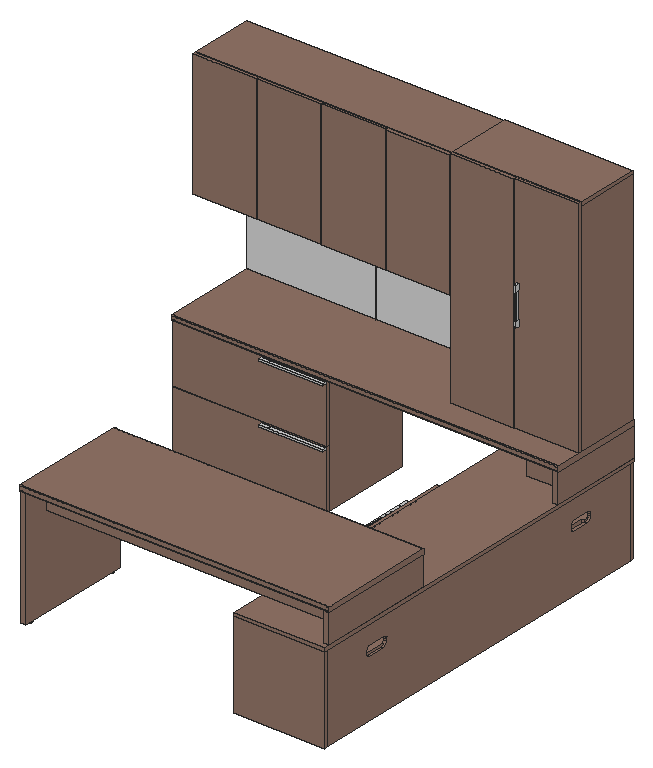
Revit family "FLV016", category Furniture, Revit 2015 (continued)
Definition of nested family "JSI-Flux-Wall_Mount_Dbl_Ht_OH"
  Forms (in)
    Extrusion 17, solid, material <- "Back Panel"
      sketch origin (0, 0, 0) x (0, 1, 0) y (0, 0, 1)
        loop
          line (10.75, 57.25) -> (9.9375, 57.25) -> (9.9375, 54.25) -> (10.75, 54.25) -> (10.75, 57.25)
      from -35.31413 to 59.06087
    Extrusion 18, solid, material <- "Back Panel"
      sketch origin (0, 0, 0) x (0, 1, 0) y (0, 0, 1)
        loop
          line (10.75, 54.25) -> (9.9375, 54.25) -> (9.9375, 52.0625) -> (10.75, 52.0625) -> (10.75, 54.25)
      from -34.31413 to 58.06087
    Extrusion 19, solid, material <- "Back Panel"
      sketch origin (0, 0, 0) x (0, 1, 0) y (0, 0, 1)
        loop
          line (10.75, 41.25) -> (9.9375, 41.25) -> (9.9375, 38.25) -> (10.75, 38.25) -> (10.75, 41.25)
      from -35.31413 to 59.06087
    Extrusion 20, solid, material <- "Back Panel"
      sketch origin (0, 0, 0) x (0, 1, 0) y (0, 0, 1)
        loop
          line (10.75, 38.25) -> (9.9375, 38.25) -> (9.9375, 36.0625) -> (10.75, 36.0625) -> (10.75, 38.25)
      from -34.31413 to 58.06087
  Lines and regions (in)
    symbolic lines
      curve 1: line (-36.06413, -4.3125, 0) -> (-36.06413, -5.0625, 0)
      curve 2: line (-20.06413, -4.3125, 0) -> (-20.06413, -5.0625, 0)
      curve 3: line (-20.18913, -5.0625, 0) -> (-20.18913, -4.3125, 0)
      curve 4: line (-4.18913, -5.0625, 0) -> (-4.18913, -4.3125, 0)
      curve 5: line (-20.18913, -4.3125, 0) -> (-36.06413, -4.3125, 0)
      curve 6: line (-36.06413, -5.0625, 0) -> (-20.18913, -5.0625, 0)
      curve 7: line (-4.18913, -4.3125, 0) -> (-20.06413, -4.3125, 0)
      curve 8: line (-20.06413, -5.0625, 0) -> (-4.18913, -5.0625, 0)
      curve 9: line (-36.06413, 10.75, 0) -> (-36.06413, -4.25, 0)
      curve 10: line (59.81087, 10.75, 0) -> (-36.06413, 10.75, 0)
      curve 11: line (59.81087, 10.75, 0) -> (59.81087, -4.25, 0)
      curve 12: line (59.81087, -4.25, 0) -> (-36.06413, -4.25, 0)
      curve 13: line (-4.06413, -4.3125, 0) -> (-4.06413, -5.0625, 0)
      curve 14: line (11.81087, -5.0625, 0) -> (11.81087, -4.3125, 0)
      curve 15: line (11.81087, -4.3125, 0) -> (-4.06413, -4.3125, 0)
      curve 16: line (-4.06413, -5.0625, 0) -> (11.81087, -5.0625, 0)
      curve 17: line (11.93587, -4.3125, 0) -> (11.93587, -5.0625, 0)
      curve 18: line (27.81087, -5.0625, 0) -> (27.81087, -4.3125, 0)
      curve 19: line (27.81087, -4.3125, 0) -> (11.93587, -4.3125, 0)
      curve 20: line (11.93587, -5.0625, 0) -> (27.81087, -5.0625, 0)
      curve 21: line (27.93587, -4.3125, 0) -> (27.93587, -5.0625, 0)
      curve 22: line (43.81087, -5.0625, 0) -> (43.81087, -4.3125, 0)
      curve 23: line (43.81087, -4.3125, 0) -> (27.93587, -4.3125, 0)
      curve 24: line (27.93587, -5.0625, 0) -> (43.81087, -5.0625, 0)
      curve 25: line (43.93587, -4.3125, 0) -> (43.93587, -5.0625, 0)
      curve 26: line (59.81087, -5.0625, 0) -> (59.81087, -4.3125, 0)
      curve 27: line (59.81087, -4.3125, 0) -> (43.93587, -4.3125, 0)
      curve 28: line (43.93587, -5.0625, 0) -> (59.81087, -5.0625, 0)
    symbolic lines, detail levels medium+fine
      curve 29: line (59.06087, 10.75, 0) -> (59.06087, -4.25, 0)
      curve 30: line (-35.31413, -4.25, 0) -> (-35.31413, 10.75, 0)
      curve 39: line (-35.31413, 9.1875, 0) -> (59.06087, 9.1875, 0)
      curve 40: line (59.06087, 9.1875, 0) -> (59.06087, 9.9375, 0)
      curve 41: line (59.06087, 9.9375, 0) -> (-35.31413, 9.9375, 0)
      curve 42: line (-35.31413, 9.9375, 0) -> (-35.31413, 9.1875, 0)
    symbolic lines, visible <- "Partition-L", detail levels medium+fine
      curve 31: line (-3.75163, -4.25, 0) -> (-3.75163, 9.1875, 0)
      curve 32: line (-3.75163, 9.1875, 0) -> (-4.50163, 9.1875, 0)
      curve 33: line (-4.50163, 9.1875, 0) -> (-4.50163, -4.25, 0)
      curve 34: line (-4.50163, -4.25, 0) -> (-3.75163, -4.25, 0)
    symbolic lines, visible <- "Partition-R", detail levels medium+fine
      curve 35: line (28.24837, -4.25, 0) -> (28.24837, 9.1875, 0)
      curve 36: line (28.24837, 9.1875, 0) -> (27.49837, 9.1875, 0)
      curve 37: line (27.49837, 9.1875, 0) -> (27.49837, -4.25, 0)
      curve 38: line (27.49837, -4.25, 0) -> (28.24837, -4.25, 0)
  Dimensions and locks (in)
    "Width": plane 2 "Center (Left/Right)" to plane 6
    "Depth": plane 16 to plane 3 "Center (Front/Back)"
    plane 12 to plane 13 to plane 14 to plane 15 = 0' - 0 3/4" locked, 0' - 0 1/16" locked, 0' - 2 3/16" locked
    locked: plane 16 to plane 12 at 0.0625
    locked: plane 2 "Center (Left/Right)" to plane 5 at 0.75
    locked: plane 8 to plane 9 at 0.75
    locked: plane 11 to plane 10 at 0.75
    locked: plane 7 to plane 6 at 0.75
    equal spacing: plane 2 "Center (Left/Right)", plane 17, plane 6
    "Height": plane 25 to plane 18
    "OH Elevation": plane 18 to plane 1
    locked: plane 25 to plane 24 at 0.75
    locked: plane 23 to plane 22 at 0.75
    locked: plane 20 to plane 19 at 1.1875
    "Level of Base Shelve": plane 19 to plane 18
    plane 19 to plane 21 to plane 31 = 0' - 0 1/4" locked, 0' - 0 1/4" locked
    equal spacing: plane 24, plane 26, plane 20
    locked: plane 23 to plane 26 at 0.375
    locked: plane 27 to plane 4 at 0.0625
    "Partition Distance_L": plane 2 "Center (Left/Right)" to plane 8
    "Partition Distance_R": plane 10 to plane 6
    "Shelf Width_L": plane 32 to plane 33
    "Shelf Width_R": plane 35 to plane 37
    "Shelf Width_Central": plane 34 to plane 36
    "Shelf Dist_L": plane 2 "Center (Left/Right)" to plane 32
    "Shelf Dist_C": plane 2 "Center (Left/Right)" to plane 34
    "Shelf Dist_R": plane 2 "Center (Left/Right)" to plane 35
    equal spacing: group 1, group 2, group 5, group 6, group 7, group 8  (x3)
    "Door Width": Extrusion 11 sketch curve to Extrusion 11 sketch curve
    "Door Width": Extrusion 12 sketch curve to Extrusion 12 sketch curve
    equal spacing: group 3, group 4, group 9, group 10, group 11, group 12  (x3)
    "Door Array Distance": Extrusion 11 to Extrusion 12
    "Wiring Hole Dist": plane 2 "Center (Left/Right)" to plane 38
    "Wiring Hole Dist": plane 39 to plane 6
    "Door Width": Extrusion 13 sketch curve to Extrusion 13 sketch curve
    "Door Width": Extrusion 14 sketch curve to Extrusion 14 sketch curve
    "Door Width": Extrusion 15 sketch curve to Extrusion 15 sketch curve
    "Door Width": Extrusion 16 sketch curve to Extrusion 16 sketch curve
    plane 27 to plane 28 to plane 3 "Center (Front/Back)" = 0' - 0 3/4" locked, 0' - 0 13/16" locked
    locked: plane 32 to plane 40 at 1
    locked: plane 41 to plane 37 at 1
    locked: plane 24 to plane 42 at 5.1875
    plane 44 to plane 43 to plane 20 = 0' - 5 3/16" locked, 0' - 5 7/8" locked
    locked: plane 24 to plane 46 at 3
    locked: plane 44 to plane 45 at 3
    aligned and locked: level to plane 1
    aligned and locked: Extrusion 1 sketch curve to plane 2 "Center (Left/Right)"
    aligned and locked: Extrusion 1 sketch curve to plane 5
    aligned and locked: Extrusion 1 sketch curve to plane 3 "Center (Front/Back)"
    aligned and locked: Extrusion 1 sketch curve to plane 14
    aligned and locked: Extrusion 2 sketch curve to plane 7
    aligned and locked: Extrusion 2 sketch curve to plane 6
    aligned and locked: Extrusion 2 sketch curve to plane 3 "Center (Front/Back)"
    aligned and locked: Extrusion 2 sketch curve to plane 14
    aligned and locked: plane 24 to Extrusion 1
    aligned and locked: plane 24 to Extrusion 2
    aligned and locked: Extrusion 1 to plane 18
    aligned and locked: Extrusion 2 to plane 18
    aligned and locked: Extrusion 3 sketch curve to plane 24
    aligned and locked: Extrusion 3 sketch curve to plane 25
    aligned and locked: Extrusion 3 sketch curve to plane 2 "Center (Left/Right)"
    aligned and locked: Extrusion 3 sketch curve to plane 6
    aligned and locked: Extrusion 4 sketch curve to plane 20
    aligned and locked: Extrusion 4 sketch curve to plane 19
    aligned and locked: Extrusion 4 sketch curve to plane 5
    aligned and locked: Extrusion 4 sketch curve to plane 7
    aligned and locked: Extrusion 3 to plane 3 "Center (Front/Back)"
    aligned and locked: plane 14 to Extrusion 3
    aligned and locked: Extrusion 4 to plane 27
    aligned and locked: plane 14 to Extrusion 4
    aligned and locked: Extrusion 5 sketch curve to plane 23
    aligned and locked: Extrusion 5 sketch curve to plane 22
    aligned and locked: Extrusion 6 sketch curve to plane 23
    aligned and locked: Extrusion 6 sketch curve to plane 22
    aligned and locked: Extrusion 7 sketch curve to plane 23
    aligned and locked: Extrusion 8 sketch curve to plane 24
    aligned and locked: Extrusion 8 sketch curve to plane 5
    aligned and locked: Extrusion 8 sketch curve to plane 7
    aligned and locked: Extrusion 8 sketch curve to plane 18
    aligned and locked: Extrusion 8 to plane 28
    aligned and locked: plane 27 to Extrusion 8
    aligned and locked: Extrusion 9 sketch curve to plane 8
    aligned and locked: Extrusion 9 sketch curve to plane 9
    aligned and locked: Extrusion 9 sketch curve to plane 27
    aligned and locked: Extrusion 9 sketch curve to plane 14
    aligned and locked: Extrusion 10 sketch curve to plane 11
    aligned and locked: Extrusion 10 sketch curve to plane 10
    aligned and locked: Extrusion 10 sketch curve to plane 27
    aligned and locked: Extrusion 10 sketch curve to plane 14
    aligned and locked: plane 24 to Extrusion 9
    aligned and locked: Extrusion 9 to plane 20
    aligned and locked: plane 24 to Extrusion 10
    aligned and locked: Extrusion 10 to plane 20
    aligned and locked: Extrusion 5 to plane 27
    aligned and locked: plane 15 to Extrusion 5
    aligned and locked: Extrusion 6 to plane 27
    aligned and locked: plane 15 to Extrusion 6
    aligned and locked: plane 15 to Extrusion 7
    aligned and locked: Extrusion 7 to plane 27
    aligned and locked: plane 32 to Extrusion 5
    aligned and locked: plane 33 to Extrusion 5
    aligned and locked: plane 34 to Extrusion 6
    aligned and locked: plane 36 to Extrusion 6
    aligned and locked: plane 35 to Extrusion 7
    aligned and locked: plane 37 to Extrusion 7
    aligned and locked: Extrusion 11 to plane 13
    aligned and locked: plane 12 to Extrusion 11
    aligned and locked: Extrusion 11 to plane 2 "Center (Left/Right)"
    aligned and locked: curve 1 to Extrusion 11
    aligned and locked: curve 2 to Extrusion 12
    aligned and locked: curve 3 to Extrusion 11
    aligned and locked: curve 4 to Extrusion 12
    aligned and locked: curve 5 to Extrusion 11
    aligned and locked: curve 6 to Extrusion 11
    aligned and locked: curve 7 to Extrusion 12
    aligned and locked: curve 8 to Extrusion 12
    aligned and locked: plane 17 to nested 1
    aligned and locked: plane 12 to nested 1
    aligned and locked: curve 9 to plane 2 "Center (Left/Right)"
    aligned and locked: curve 10 to plane 3 "Center (Front/Back)"
    aligned and locked: curve 11 to plane 6
    aligned and locked: curve 12 to plane 14
    aligned and locked: curve 13 to Extrusion 13
    aligned and locked: curve 14 to Extrusion 13
    aligned and locked: curve 15 to Extrusion 13
    aligned and locked: curve 16 to Extrusion 13
    aligned and locked: curve 17 to Extrusion 14
    aligned and locked: curve 18 to Extrusion 14
    aligned and locked: curve 19 to Extrusion 14
    aligned and locked: curve 20 to Extrusion 14
    aligned and locked: curve 21 to Extrusion 15
    aligned and locked: curve 22 to Extrusion 15
    aligned and locked: curve 23 to Extrusion 15
    aligned and locked: curve 24 to Extrusion 15
    aligned and locked: curve 25 to Extrusion 16
    aligned and locked: curve 26 to Extrusion 16
    aligned and locked: curve 27 to Extrusion 16
    aligned and locked: curve 28 to Extrusion 16
    aligned and locked: plane 3 "Center (Front/Back)" to Extrusion 17 sketch curve
    aligned and locked: plane 28 to Extrusion 17 sketch curve
    aligned and locked: plane 24 to Extrusion 17 sketch curve
    aligned and locked: plane 46 to Extrusion 17 sketch curve
    aligned and locked: plane 46 to Extrusion 18 sketch curve
    aligned and locked: plane 42 to Extrusion 18 sketch curve
    aligned and locked: plane 28 to Extrusion 18 sketch curve
    aligned and locked: plane 3 "Center (Front/Back)" to Extrusion 18 sketch curve
    aligned and locked: plane 44 to Extrusion 19 sketch curve
    aligned and locked: plane 45 to Extrusion 19 sketch curve
    aligned and locked: plane 28 to Extrusion 19 sketch curve
    aligned and locked: plane 3 "Center (Front/Back)" to Extrusion 19 sketch curve
    aligned and locked: plane 45 to Extrusion 20 sketch curve
    aligned and locked: plane 43 to Extrusion 20 sketch curve
    aligned and locked: plane 28 to Extrusion 20 sketch curve
    aligned and locked: plane 3 "Center (Front/Back)" to Extrusion 20 sketch curve
    aligned and locked: Extrusion 17 to plane 32
    aligned and locked: Extrusion 18 to plane 40
    aligned and locked: Extrusion 19 to plane 32
    aligned and locked: Extrusion 20 to plane 40
    aligned and locked: plane 37 to Extrusion 17
    aligned and locked: plane 37 to Extrusion 19
    aligned and locked: plane 41 to Extrusion 18
    aligned and locked: plane 41 to Extrusion 20
    aligned and locked: Extrusion 11 to plane 21
    aligned and locked: Extrusion 12 to plane 21
    aligned and locked: curve 29 to Extrusion 2
    aligned and locked: curve 30 to Extrusion 1
    aligned and locked: plane 14 to curve 30
    aligned and locked: plane 3 "Center (Front/Back)" to curve 30
    aligned and locked: plane 14 to curve 29
    aligned and locked: curve 31 to Extrusion 9
    aligned and locked: curve 32 to Extrusion 9
    aligned and locked: curve 33 to Extrusion 9
    aligned and locked: curve 34 to Extrusion 9
    aligned and locked: curve 35 to Extrusion 10
    aligned and locked: curve 36 to Extrusion 10
    aligned and locked: curve 37 to Extrusion 10
    aligned and locked: curve 38 to Extrusion 10
    aligned and locked: curve 39 to Extrusion 8
    aligned and locked: curve 40 to Extrusion 8
    aligned and locked: curve 41 to Extrusion 8
    aligned and locked: curve 42 to Extrusion 8
  Automatic sketch dimensions
    Extrusion 7 sketch curve to plane 22 = 0' - 0"
    Extrusion 7 sketch curve to plane 7 = 0' - 0"
    plane 8 to Extrusion 5 sketch curve = 0' - 0"
    Extrusion 6 sketch curve to plane 9 = 0' - 0"
    Extrusion 6 sketch curve to plane 11 = 0' - 0"
    Extrusion 7 sketch curve to plane 10 = 0' - 0"
    plane 5 to Extrusion 5 sketch curve = 0' - 0"
    Extrusion 11 sketch curve to Extrusion 11 sketch curve = 2' - 5 1/4"
    Extrusion 12 sketch curve to Extrusion 12 sketch curve = 2' - 5 1/4"
    curve 1 to curve 5 = 1' - 3 7/8"
    curve 6 to curve 3 = 0' - 0 3/4"
    curve 2 to curve 7 = 1' - 3 7/8"
    curve 8 to curve 4 = 0' - 0 3/4"
    Extrusion 13 sketch curve to Extrusion 13 sketch curve = 2' - 5 1/4"
    curve 13 to curve 15 = 1' - 3 7/8"
    curve 16 to curve 14 = 0' - 0 3/4"
    Extrusion 14 sketch curve to Extrusion 14 sketch curve = 2' - 5 1/4"
    curve 17 to curve 19 = 1' - 3 7/8"
    curve 20 to curve 18 = 0' - 0 3/4"
    Extrusion 15 sketch curve to Extrusion 15 sketch curve = 2' - 5 1/4"
    curve 21 to curve 23 = 1' - 3 7/8"
    curve 24 to curve 22 = 0' - 0 3/4"
    Extrusion 16 sketch curve to Extrusion 16 sketch curve = 2' - 5 1/4"
    curve 25 to curve 27 = 1' - 3 7/8"
    curve 28 to curve 26 = 0' - 0 3/4"
    plane 3 "Center (Front/Back)" to curve 29 = 0' - 0"
  Nested families (in)
    nested 1: "Label 1-16 OH" at (11.87337, -5.0625, 0), type "OH DOORS"
  Definition of nested family "Label 1-16 OH"
    Parameters
      Width = 0' - 1"
      Model Name = "6 Doors"
    Reference planes (in)
      plane 1: y = 0
      plane 2: x = 0
    Text (in)
      label "XX" at (0.00051, -0.12324, 0), shows "Model Name"
Definition of nested family "JSI-Flux-Wall_Mount_Tack_Panel"
  Parameters (values of type "Type Catalog - Wall Mount Tack Board")
    Width = 2' - 4 1/4"
    URL = "www.jsifurniture.com"
    Type Comments = ""
    TAG = ""
    Support Width = if(Width > 3' 3", 2' 6", (if(Width > 2' 9", 2' 0", (if(Width > 2' 0", 1' 6", (if(Width > 1' 6", 1' 0", 0' 7")))))))  # 1' - 6"
    Support Height = if(Height > 3' 5", 0' 7 1/2", if(Height > 2' 8", 0' 11 1/2", 0' 2 1/4"))  # 0' - 2 1/4"
    Support = none
    Series = "FLUX"  # constant formula
    OH Elevation = 2' - 5"
    Model = ""
    Manufacturer = "JSI"  # constant formula
    Keynote = "12500"
    JSI Enviromental Website = "http://www.jsifurniture.com/jsi_sustainability_intro.php"
    Height = 2' - 6"
    Tackboard = none
    Description = "Wall Mount Tack Board"
    Depth = 0' - 1 1/2"
    Chassis = none
    Assembly Code = "E2020200"
  Reference planes (in)
    plane 1: z = 0
    plane 2 "Center (Left/Right)": x = -36.06413
    plane 3 "Center (Front/Back)": y = 10.75
    plane 4: x = -7.81413
    plane 5: y = 10
    plane 6: y = 9.25
    plane 7: x = -21.93913
    plane 8: x = -33.06413
    plane 9: x = -10.81413
    plane 10: z = 59
    plane 11: z = 58.75
    plane 12: z = 55.75
    plane 13: z = 53.5
    plane 14: z = 31.25
    plane 15: z = 33.5
    plane 16: z = 54.25
    plane 17: z = 32
    plane 18: x = -30.93913
    plane 19: x = -12.93913
    plane 20: z = 29
  Forms (in)
    Extrusion 1, solid, material <- "Tackboard"
      sketch origin (0, 0, 0) x (1, 0, 0) y (0, 1, 0)
        loop
          line (-7.81413, 10) -> (-36.06413, 10) -> (-36.06413, 9.25) -> (-7.81413, 9.25) -> (-7.81413, 10)
      from 29 to 58.75
    Extrusion 2, solid, material <- "Chassis"
      sketch origin (0, 0, 0) x (1, 0, 0) y (0, 1, 0)
        loop
          line (-36.06413, 10.75) -> (-36.06413, 10) -> (-33.06413, 10) -> (-33.06413, 10.75) -> (-36.06413, 10.75)
      from 29 to 58.75
    Extrusion 3, solid, material <- "Chassis"
      sketch origin (0, 0, 0) x (1, 0, 0) y (0, 1, 0)
        loop
          line (-10.81413, 10.75) -> (-10.81413, 10) -> (-7.81413, 10) -> (-7.81413, 10.75) -> (-10.81413, 10.75)
      from 29 to 58.75
    Extrusion 4, solid, material <- "Chassis"
      sketch origin (0, 0, 0) x (0, 1, 0) y (0, 0, 1)
        loop
          line (10.75, 58.75) -> (10, 58.75) -> (10, 55.75) -> (10.75, 55.75) -> (10.75, 58.75)
      from -33.06413 to -10.81413
    Extrusion 5, solid, material <- "Support"
      sketch origin (0, 0, 0) x (0, 1, 0) y (0, 0, 1)
        loop
          line (10.75, 54.25) -> (10.75, 55.75) -> (10, 55.75) -> (10, 54.25) -> (10.75, 54.25)
      from -30.93913 to -12.93913
    Extrusion 6, solid, material <- "Support"
      sketch origin (0, 0, 0) x (0, 1, 0) y (0, 0, 1)
        loop
          line (10.75, 54.25) -> (10, 54.25) -> (10, 53.5) -> (10.75, 53.5) -> (10.75, 54.25)
      from -30.93913 to -12.93913
    Extrusion 7, solid, material <- "Support"
      sketch origin (0, 0, 0) x (0, 1, 0) y (0, 0, 1)
        loop
          line (10.75, 33.5) -> (10, 33.5) -> (10, 32) -> (10.75, 32) -> (10.75, 33.5)
      from -30.93913 to -12.93913
    Extrusion 8, solid, material <- "Support"
      sketch origin (0, 0, 0) x (0, 1, 0) y (0, 0, 1)
        loop
          line (10.75, 32) -> (10, 32) -> (10, 31.25) -> (10.75, 31.25) -> (10.75, 32)
      from -30.93913 to -12.93913
  Lines and regions (in)
    symbolic lines
      curve 1: line (-36.06413, 10.75, 0) -> (-36.06413, 9.25, 0)
      curve 2: line (-7.81413, 10.75, 0) -> (-7.81413, 9.25, 0)
      curve 3: line (-7.81413, 10.75, 0) -> (-36.06413, 10.75, 0)
      curve 4: line (-7.81413, 9.25, 0) -> (-36.06413, 9.25, 0)
  Dimensions and locks (in)
    locked: plane 5 to plane 3 "Center (Front/Back)" at 0.75
    "Depth": plane 6 to plane 3 "Center (Front/Back)"
    "Width": plane 2 "Center (Left/Right)" to plane 4
    equal spacing: plane 2 "Center (Left/Right)", plane 7, plane 4
    locked: plane 2 "Center (Left/Right)" to plane 8 at 3
    locked: plane 9 to plane 4 at 3
    plane 10 to plane 11 to plane 12 = 0' - 0 1/4" locked, 0' - 3" locked
    locked: plane 12 to plane 13 at 2.25
    locked: plane 15 to plane 14 at 2.25
    locked: plane 15 to plane 17 at 1.5
    locked: plane 12 to plane 16 at 1.5
    "Support Width": plane 18 to plane 19
    equal spacing: plane 18, plane 7, plane 19
    "OH Elevation": plane 20 to plane 1
    "Height": plane 10 to plane 20
    "Support Height": plane 14 to plane 20
    aligned and locked: level to plane 1
    aligned and locked: Extrusion 1 sketch curve to plane 5
    aligned and locked: Extrusion 1 sketch curve to plane 6
    aligned and locked: Extrusion 1 sketch curve to plane 2 "Center (Left/Right)"
    aligned and locked: Extrusion 1 sketch curve to plane 4
    aligned and locked: plane 11 to Extrusion 1
    aligned and locked: Extrusion 1 to plane 20
    aligned and locked: Extrusion 2 sketch curve to plane 2 "Center (Left/Right)"
    aligned and locked: Extrusion 2 sketch curve to plane 8
    aligned and locked: Extrusion 2 sketch curve to plane 5
    aligned and locked: Extrusion 2 sketch curve to plane 3 "Center (Front/Back)"
    aligned and locked: Extrusion 3 sketch curve to plane 9
    aligned and locked: Extrusion 3 sketch curve to plane 4
    aligned and locked: Extrusion 3 sketch curve to plane 5
    aligned and locked: Extrusion 3 sketch curve to plane 3 "Center (Front/Back)"
    aligned and locked: plane 11 to Extrusion 2
    aligned and locked: plane 11 to Extrusion 3
    aligned and locked: Extrusion 2 to plane 20
    aligned and locked: Extrusion 3 to plane 20
    aligned and locked: plane 11 to Extrusion 4 sketch curve
    aligned and locked: plane 12 to Extrusion 4 sketch curve
    aligned and locked: plane 3 "Center (Front/Back)" to Extrusion 4 sketch curve
    aligned and locked: plane 5 to Extrusion 4 sketch curve
    aligned and locked: Extrusion 4 to plane 8
    aligned and locked: plane 9 to Extrusion 4
    aligned and locked: plane 16 to Extrusion 5 sketch curve
    aligned and locked: plane 12 to Extrusion 5 sketch curve
    aligned and locked: plane 5 to Extrusion 5 sketch curve
    aligned and locked: plane 3 "Center (Front/Back)" to Extrusion 5 sketch curve
    aligned and locked: plane 16 to Extrusion 6 sketch curve
    aligned and locked: plane 13 to Extrusion 6 sketch curve
    aligned and locked: plane 3 "Center (Front/Back)" to Extrusion 6 sketch curve
    aligned and locked: plane 5 to Extrusion 6 sketch curve
    aligned and locked: plane 15 to Extrusion 7 sketch curve
    aligned and locked: plane 17 to Extrusion 7 sketch curve
    aligned and locked: plane 3 "Center (Front/Back)" to Extrusion 7 sketch curve
    aligned and locked: plane 5 to Extrusion 7 sketch curve
    aligned and locked: plane 17 to Extrusion 8 sketch curve
    aligned and locked: plane 14 to Extrusion 8 sketch curve
    aligned and locked: plane 3 "Center (Front/Back)" to Extrusion 8 sketch curve
    aligned and locked: plane 5 to Extrusion 8 sketch curve
    aligned and locked: Extrusion 5 to plane 18
    aligned and locked: Extrusion 6 to plane 18
    aligned and locked: plane 19 to Extrusion 5
    aligned and locked: plane 19 to Extrusion 6
    aligned and locked: Extrusion 8 to plane 18
    aligned and locked: Extrusion 7 to plane 18
    aligned and locked: plane 19 to Extrusion 8
    aligned and locked: plane 19 to Extrusion 7
    aligned and locked: curve 1 to plane 2 "Center (Left/Right)"
    aligned and locked: curve 2 to plane 4
    aligned and locked: curve 3 to plane 3 "Center (Front/Back)"
    aligned and locked: curve 4 to plane 6
Definition of nested family "JSI-Flux-Rec_Tbl_Desk-Sec_Sup"
  Parameters (values of type "Type Catalog Family -Table Desk")
    Worksurface = none
    Width = 5' - 0"
    URL = "www.jsifurniture.com"
    Type Comments = ""
    Series = "FLUX"  # constant formula
    R Pnl H = if(L, 1' 9", 0' 0 5/16")  # 1' - 9"
    L = yes
    Pnl Dist = if(L, Width - 0' 11 5/16", 0' 1 5/16")  # 4' - 0 11/16"
    Model = "FLT3466PDN"
    Material = ""
    Manufacturer = "JSI"  # constant formula
    L Pnl H = if(L, 0' 0 5/16", 1' 9")  # 0' - 0 5/16"
    Keynote = "12500"
    JSI Enviromental Website = "http://www.jsifurniture.com/jsi_sustainability_intro.php"
    Height = 2' - 5"
    Glides = none
    Gld Pstn = if(L, 0' 0 23/32", Width - 0' 0 23/32")  # 0' - 0 23/32"
    Frame = none
    Description = "66 X 34 Rectangular Peninsula Table Desk with End Leg Assembly and Panel End"
    Depth = 2' - 9 1/2"
    Chassis = none
    Assembly Code = "E2020200"
  Reference planes (in)
    plane 1: z = 0
    plane 2 "Center (Left/Right)": x = -36.06413
    plane 3: z = 29
    plane 4: z = 27.8125
    plane 5 "Center (Front/Back)": y = 10.75
    plane 6: z = 0.3125
    plane 7: y = -22.75
    plane 8: x = 23.93587
  Forms (in)
    Extrusion 1, solid, material <- "Worksurface"
      sketch origin (0, 0, 0) x (0, 1, 0) y (0, 0, 1)
        loop
          arc (10.625, 27.8125) -> (10.71339, 27.84911) -> (10.75, 27.9375) r 0.125
          line (10.75, 27.9375) -> (10.75, 28.875)
          arc (10.75, 28.875) -> (10.71339, 28.96339) -> (10.625, 29) r 0.125
          line (10.625, 29) -> (-22.625, 29)
          arc (-22.625, 29) -> (-22.71339, 28.96339) -> (-22.75, 28.875) r 0.125
          line (-22.75, 28.875) -> (-22.75, 27.9375)
          arc (-22.75, 27.9375) -> (-22.71339, 27.84911) -> (-22.625, 27.8125) r 0.125
          line (-22.625, 27.8125) -> (10.625, 27.8125)
      from -36.06413 to 23.93587
    Extrusion 2, solid, material <- "Glides"
      sketch origin (0, 0, 0) x (1, 0, 0) y (0, 1, 0)
        loop
          circle (-35.34538, 8.87431) r 0.55846
        loop
          circle (-35.34538, -20.87431) r 0.55846
      from 0 to 0.3125
    Extrusion 3, solid, material <- "Chassis"
      sketch origin (0, 9.92698, 5.11224) x (0, -1, 0) y (0, 0, -1)
        loop
          line (6.30198, -16.70026) -> (5.11448, -16.70026) -> (5.11448, -22.70026) -> (6.30198, -22.70026) -> (6.30198, -16.70026)
      from -34.75163 to 22.62337
    Extrusion 4, solid, material <- "Chassis"
      sketch origin (1.1875, 0, 0) x (1, 0, 0) y (0, 1, 0)
        loop
          line (11.43587, -15.625) -> (11.43587, -16.8125) -> (21.43587, -16.8125) -> (21.43587, -15.625) -> (11.43587, -15.625)
      from 21 to 27.8125
    Extrusion 5, solid, material <- "Chassis"
      sketch origin (0, 0, 0) x (1, 0, 0) y (0, 1, 0)
        loop
          line (-35.93913, 10.625) -> (-35.93913, -22.625) -> (-34.75163, -22.625) -> (-34.75163, 10.625) -> (-35.93913, 10.625)
      from 0.3125 to 27.8125
    Extrusion 6, solid, material <- "Chassis"
      sketch origin (0, 0, 0) x (1, 0, 0) y (0, 1, 0)
        loop
          line (22.62337, 10.625) -> (22.62337, -22.625) -> (23.81087, -22.625) -> (23.81087, 10.625) -> (22.62337, 10.625)
      from 21 to 27.8125
  Lines and regions (in)
    symbolic lines
      curve 1: line (-36.06413, -22.75, 0) -> (23.93587, -22.75, 0)
      curve 2: line (-36.06413, 10.75, 0) -> (-36.06413, -22.75, 0)
      curve 3: line (23.93587, 10.75, 0) -> (-36.06413, 10.75, 0)
      curve 4: line (23.93587, -22.75, 0) -> (23.93587, 10.75, 0)
    symbolic lines, detail levels medium+fine
      curve 5: line (-35.93913, 10.625, 0) -> (-35.93913, -22.625, 0)
      curve 6: line (-34.75163, 10.625, 0) -> (-35.93913, 10.625, 0)
      curve 7: line (22.62337, 4.8125, 0) -> (-34.75163, 4.8125, 0)
      curve 8: line (-34.75163, 3.625, 0) -> (22.62337, 3.625, 0)
      curve 9: line (-34.75163, -22.625, 0) -> (-34.75163, 10.625, 0)
      curve 10: line (-35.93913, -22.625, 0) -> (-34.75163, -22.625, 0)
      curve 11: line (12.65462, -15.625, 0) -> (22.59212, -15.625, 0)
      curve 12: line (12.65462, -16.8125, 0) -> (12.65462, -15.625, 0)
      curve 13: line (22.59212, -16.8125, 0) -> (12.65462, -16.8125, 0)
      curve 14: line (22.59212, -15.625, 0) -> (22.59212, -16.8125, 0)
      curve 15: line (22.62337, 10.625, 0) -> (22.62337, -22.625, 0)
      curve 16: line (23.81087, 10.625, 0) -> (22.62337, 10.625, 0)
      curve 17: line (23.81087, -22.625, 0) -> (23.81087, 10.625, 0)
      curve 18: line (22.62337, -22.625, 0) -> (23.81087, -22.625, 0)
  Dimensions and locks (in)
    locked: plane 6 to level at 0.3125
    "Depth": plane 7 to plane 5 "Center (Front/Back)"
    locked: plane 3 to plane 4 at 1.1875
    plane 3 to level = 2' - 5"
    "Width": plane 2 "Center (Left/Right)" to plane 8
    locked: Extrusion 2 sketch curve to plane 5 "Center (Front/Back)" at 1.87569
    locked: plane 7 to Extrusion 2 sketch curve at 1.87569
    "Gld Pstn": plane 2 "Center (Left/Right)" to Extrusion 2 sketch curve  (x2)
    plane 5 "Center (Front/Back)" to Extrusion 3 sketch curve to Extrusion 3 sketch curve = 0' - 5 15/16" locked, 0' - 1 3/16" locked
    locked: plane 4 to Extrusion 3 sketch curve at 6
    locked: Extrusion 4 sketch curve to Extrusion 4 sketch curve at 1.1875
    locked: Extrusion 4 sketch curve to Extrusion 4 sketch curve at 10
    "Pnl Dist": plane 2 "Center (Left/Right)" to Extrusion 4
    locked: Extrusion 4 to curve 12 at 0.03125
    locked: curve 14 to Extrusion 4 at 0.03125
    "L Pnl H": Extrusion 5 to level
    "R Pnl H": Extrusion 6 to level
    locked: Extrusion 4 to level at 21
    locked: Extrusion 6 sketch curve to Extrusion 6 sketch curve at 1.1875
    locked: Extrusion 5 sketch curve to Extrusion 5 sketch curve at 1.1875
    locked: Extrusion 6 to plane 8 at 0.125
    aligned and locked: level to plane 1
    aligned and locked: Extrusion 1 sketch curve to plane 5 "Center (Front/Back)"
    aligned and locked: plane 3 to Extrusion 1 sketch curve
    aligned and locked: Extrusion 1 sketch curve to plane 4
    aligned and locked: plane 7 to Extrusion 1 sketch curve
    aligned and locked: Extrusion 1 to plane 2 "Center (Left/Right)"
    aligned and locked: plane 8 to Extrusion 1
    aligned and locked: Extrusion 2 to level
    aligned and locked: plane 6 to Extrusion 2
    aligned and locked: curve 2 to plane 2 "Center (Left/Right)"
    aligned and locked: plane 8 to curve 4
    aligned and locked: curve 3 to plane 5 "Center (Front/Back)"
    aligned and locked: plane 7 to curve 1
    aligned and locked: Extrusion 3 sketch curve to plane 4
    aligned and locked: curve 11 to Extrusion 4
    aligned and locked: curve 13 to Extrusion 4
    aligned and locked: plane 4 to Extrusion 4
    aligned and locked: Extrusion 5 sketch curve to curve 6
    aligned and locked: Extrusion 5 sketch curve to curve 9
    aligned and locked: Extrusion 6 sketch curve to curve 16
    aligned and locked: Extrusion 6 sketch curve to curve 18
    aligned and locked: Extrusion 6 sketch curve to curve 17
    aligned and locked: plane 4 to Extrusion 5
    aligned and locked: plane 4 to Extrusion 6
    aligned and locked: Extrusion 3 to curve 9
    aligned and locked: Extrusion 3 to curve 15
    aligned and locked: Extrusion 3 to Extrusion 6
  Automatic sketch dimensions
    Extrusion 1 sketch curve to Extrusion 1 sketch curve = 0' - 0 1/8"  (x3)
    plane 4 to Extrusion 1 sketch curve = 0' - 0 1/8"
    Extrusion 4 sketch curve to plane 8 = 0' - 11 5/16"
    Extrusion 4 sketch curve to plane 7 = 0' - 5 15/16"
    Extrusion 5 sketch curve to plane 7 = 0' - 0 1/8"
    plane 2 "Center (Left/Right)" to curve 6 = 0' - 0 1/8"
    curve 18 to plane 8 = 0' - 0 1/8"
    curve 10 to plane 7 = 0' - 0 1/8"
    plane 5 "Center (Front/Back)" to curve 16 = 0' - 0 1/8"
    curve 15 to plane 7 = 0' - 0 1/8"
    curve 8 to curve 6 = 0' - 7"
    curve 8 to curve 7 = 0' - 1 3/16"
    plane 5 "Center (Front/Back)" to curve 9 = 0' - 0 1/8"
    radius of Extrusion 2 sketch curve = 0' - 0.55846"  (x2)
